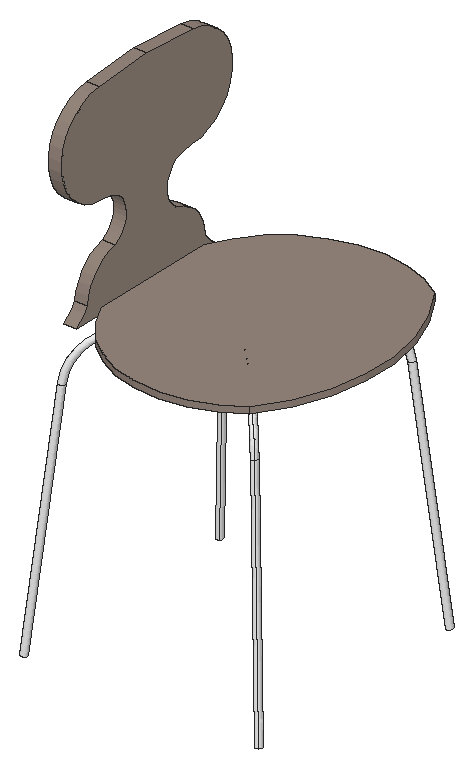
Revit family "Chair 2", category Furniture, Revit 2024
Family settings
  Work Plane-Based = No
  Enable Cutting in Views = No
  Always vertical = Yes
  Cut with Voids When Loaded = No
  Render Appearance Source = Family Geometry
  Shared = No
  Room Calculation Point = No
Parameters (values of type "Type 2A")
  Type Comments = "J"
  Keynote = "D"
  Manufacturer = ""
  Default Elevation = 0 mm
  Bracket Material = Herman Miller - Finish 47 Trivalent Chrome
  Model = ""
  Cushion/Chair Back Material = Herman Miller - Veneer Z5 Maple
  BG_DIM_Width1 [instance] = 1600 mm
  BG_DIM_Height1 [instance] = 1000 mm
  BG_DIM_Depth1 [instance] = 400 mm
  Assembly Code = "Ase2"
Reference planes
  plane 1 "Center F/B": y = -198.997
  plane 2: z = 0
  plane 3 "Center L/R": x = -1.022
Forms (mm)
  Sweep 1, solid, material "Herman Miller - Finish 47 Trivalent Chrome" <- "Bracket Material"
    path origin (61.052, -65.204, 45) x (0, 0, -1) y (0.707107, -0.707107, 0)
      loop
        line (45, -82.843) -> (-332.364, -36.508)
        arc (-332.364, -36.508) -> (-382.531, -10.114) -> (-402.615, 42.895) r 80
        line (-402.615, 42.895) -> (-402.615, 181.322)
    profile origin (18.855, -23.007, 188.682) x (-0.701836, 0.701836, 0.121869) y (-0.707107, -0.707107, 0)
      loop
        circle (0, 0) r 5
  Sweep 2, solid, material "Herman Miller - Finish 47 Trivalent Chrome" <- "Bracket Material"
    path origin (57.516, -325.168, 45) x (0, 0, -1) y (0.707107, 0.707107, 0)
      loop
        line (45, -82.843) -> (-332.364, -36.508)
        arc (-332.364, -36.508) -> (-382.531, -10.114) -> (-402.615, 42.895) r 80
        line (-402.615, 42.895) -> (-402.615, 181.322)
    profile origin (15.319, -367.364, 188.682) x (-0.701836, -0.701836, 0.121869) y (0.707107, -0.707107, 0)
      loop
        circle (0, 0) r 5
  Sweep 3, solid, material "Herman Miller - Finish 47 Trivalent Chrome" <- "Bracket Material"
    path origin (303.338, -65.204, 45) x (0, 0, -1) y (0.707107, 0.707107, 0)
      loop
        line (45, 82.843) -> (-332.364, 36.508)
        arc (-332.364, 36.508) -> (-382.531, 10.114) -> (-402.615, -42.895) r 80
        line (-402.615, -42.895) -> (-402.615, -181.322)
    profile origin (345.535, -23.007, 188.682) x (0.701836, 0.701836, 0.121869) y (-0.707107, 0.707107, 0)
      loop
        circle (0, 0) r 5
  Sweep 4, solid, material "Herman Miller - Finish 47 Trivalent Chrome" <- "Bracket Material"
    path origin (306.873, -325.168, 45) x (0, 0, -1) y (0.707107, -0.707107, 0)
      loop
        line (45, 82.843) -> (-332.364, 36.508)
        arc (-332.364, 36.508) -> (-382.531, 10.114) -> (-402.615, -42.895) r 80
        line (-402.615, -42.895) -> (-402.615, -181.322)
    profile origin (349.07, -367.364, 188.682) x (0.701836, -0.701836, 0.121869) y (0.707107, 0.707107, 0)
      loop
        circle (0, 0) r 5
  Extrusion 5, solid, material "Herman Miller - Veneer Z5 Maple" <- "Cushion/Chair Back Material"
    sketch origin (0, 0, 0) x (1, 0, 0) y (0, 1, 0)
      loop
        arc (340, -9.099) -> (152.776, 17.913) -> (32.728, -128.274) r 192.616
        line (32.728, -128.274) -> (32.728, -249.923)
        arc (32.728, -249.923) -> (152.776, -396.11) -> (340, -369.099) r 192.616
        arc (340, -369.099) -> (400.673, -189.099) -> (340, -9.099) r 297.34
    from 450 to 460
  Extrusion 6, solid, material "Herman Miller - Veneer Z5 Maple" <- "Cushion/Chair Back Material"
    sketch origin (390, -409.099, -27.081) x (0, 0, -1) y (0, 1, 0)
      loop
        arc (-498.809, 95.839) -> (-486.21, 86.065) -> (-477.081, 72.99) r 53.087
        line (-477.081, 72.99) -> (-477.081, 347.212)
        arc (-477.081, 347.212) -> (-486.21, 334.138) -> (-498.809, 324.364) r 53.087
        arc (-498.809, 324.364) -> (-539.073, 308.301) -> (-561.143, 270.989) r 67.175
        arc (-561.143, 270.989) -> (-601.737, 249.17) -> (-634.197, 281.887) r 38.521
        line (-634.197, 281.887) -> (-636.604, 298.938)
        arc (-636.604, 298.938) -> (-714.694, 376.726) -> (-796.127, 302.444) r 79.872
        line (-796.127, 302.444) -> (-802.584, 210.101) -> (-796.127, 117.759)
        arc (-796.127, 117.759) -> (-714.694, 43.477) -> (-636.604, 121.265) r 79.872
        line (-636.604, 121.265) -> (-634.197, 138.316)
        arc (-634.197, 138.316) -> (-601.737, 171.033) -> (-561.143, 149.213) r 38.521
        arc (-561.143, 149.213) -> (-539.073, 111.901) -> (-498.809, 95.839) r 67.175
    from -367.272 to -347.272
Dimensions and locks
  aligned and locked: plane 1 "Center F/B" to Extrusion 6
